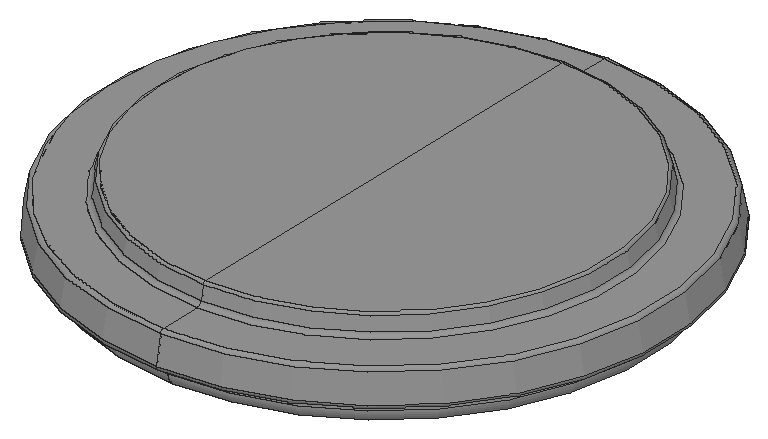
Revit family "FMK12_63_UN_Surface-mounted_ETK", category Lighting Fixtures, Revit 2017 (continued)
Definition of nested family "FMK.1 - Lightsource"
  Types (13, lengths in mm): name | Wattage Comments | Photometric Web File | built-in parameter 1150142 | Apparent Load
    FMK.1109.10 - Ø250x48 / 12W | "12W" | "FMK.1109.10.ies" | "IESNA:LM-63-2002\r\n[TEST] /2015\r\n[TESTLAB] ies2eulumdat.appspot.com\r\n[ISSUEDATE] 2021-06-16T09:00:21.829\r\n[MANUFAC] www.etk.nl\r\n[LUMCAT] FMK.1109.10\r\n[LUMINAIRE] FMK.1 LED 12W 3000/4000/5700K ø250 niet dimbaar\r\n[LAMPCAT] LED\r\n[LAMP] LED\r\nTILT=NONE\r\n1\t1150\t1\t46\t180\t1\t2\t-0.250\t-0.250\t0\r\n1.0\t1.0\t11.80\r\n0\t 2\t 4\t 6\t 8\t 10\t 12\t 14\t 16\t 18\r\n20\t 22\t 24\t 26\t 28\t 30\t 32\t 34\t 36\t 38\r\n40\t 42\t 44\t 46\t 48\t 50\t 52\t 54\t 56\t 58\r\n60\t 62\t 64\t 66\t 68\t 70\t 72\t 74\t 76\t 78\r\n80\t 82\t 84\t 86\t 88\t 90\r\n0\t 2\t 4\t 6\t 8\t 10\t 12\t 14\t 16\t 18\r\n20\t 22\t 24\t 26\t 28\t 30\t 32\t 34\t 36\t 38\r\n40\t 42\t 44\t 46\t 48\t 50\t 52\t 54\t 56\t 58\r\n60\t 62\t 64\t 66\t 68\t 70\t 72\t 74\t 76\t 78\r\n80\t 82\t 84\t 86\t 88\t 90\t 92\t 94\t 96\t 98\r\n100\t 102\t 104\t 106\t 108\t 110\t 112\t 114\t 116\t 118\r\n120\t 122\t 124\t 126\t 128\t 130\t 132\t 134\t 136\t 138\r\n140\t 142\t 144\t 146\t 148\t 150\t 152\t 154\t 156\t 158\r\n160\t 162\t 164\t 166\t 168\t 170\t 172\t 174\t 176\t 178\r\n180\t 182\t 184\t 186\t 188\t 190\t 192\t 194\t 196\t 198\r\n200\t 202\t 204\t 206\t 208\t 210\t 212\t 214\t 216\t 218\r\n220\t 222\t 224\t 226\t 228\t 230\t 232\t 234\t 236\t 238\r\n240\t 242\t 244\t 246\t 248\t 250\t 252\t 254\t 256\t 258\r\n260\t 262\t 264\t 266\t 268\t 270\t 272\t 274\t 276\t 278\r\n280\t 282\t 284\t 286\t 288\t 290\t 292\t 294\t 296\t 298\r\n300\t 302\t 304\t 306\t 308\t 310\t 312\t 314\t 316\t 318\r\n320\t 322\t 324\t 326\t 328\t 330\t 332\t 334\t 336\t 338\r\n340\t 342\t 344\t 346\t 348\t 350\t 352\t 354\t 356\t 358\r\n\r\n405.3384\t404.7765\t404.2265\t402.9975\t401.1013\t399.2051\t395.3191\t391.4331\t387.5471\t383.661\r\n379.7751\t373.4779\t367.169\t360.8717\t354.5746\t348.2657\t339.7094\t331.1415\t322.5852\t314.029\r\n305.461\t294.8096\t284.1582\t273.5069\t262.8555\t252.2041\t239.7267\t227.261\t214.7837\t202.3181\r\n189.8525\t177.3751\t164.9094\t152.432\t139.9664\t127.4891\t0\t0\t0\t0\r\n0\t0\t0\t0\t0\t0\r\n405.3384\t404.7925\t404.2577\t403.0448\t401.1686\t399.2994\t395.4335\t391.5606\t387.7102\t383.8203\r\n379.9334\t373.6444\t367.3443\t361.0453\t354.7325\t348.4388\t339.8983\t331.3616\t322.8117\t314.2627\r\n305.722\t295.0872\t284.4404\t273.8022\t263.1576\t252.5163\t240.0548\t227.5873\t215.131\t202.664\r\n190.1945\t177.7378\t165.2697\t152.8012\t140.3312\t128.1946\t0.3296\t0\t0\t0\r\n0\t0\t0\t0\t0\t0\r\n405.3384\t404.8094\t404.2892\t403.0935\t401.2796\t399.4809\t395.6213\t391.7396\t387.8385\t383.9437\r\n380.072\t373.802\t367.5085\t361.2065\t354.9129\t348.6531\t340.137\t331.5961\t323.0451\t314.5012\r\n305.9895\t295.3818\t284.734\t274.0862\t263.4264\t252.8071\t240.376\t227.9231\t215.4572\t202.995\r\n190.53\t178.0631\t165.6056\t153.1389\t140.6717\t129.4859\t1.3419\t0\t0\t0\r\n0\t0\t0\t0\t0\t0\r\n405.3384\t404.8271\t404.3209\t403.1488\t401.3532\t399.5783\t395.7291\t391.8382\t387.9181\t384.0265\r\n380.1901\t373.9544\t367.6616\t361.3486\t355.0482\t348.8012\t340.3437\t331.8018\t323.2501\t314.6929\r\n306.2129\t295.662\t285.012\t274.3604\t263.7094\t253.1247\t240.74\t228.2758\t215.8122\t203.3491\r\n190.8749\t178.4127\t165.9503\t153.4898\t141.027\t131.3458\t3.1025\t0\t0\t0\r\n0\t0\t0\t0\t0\t0\r\n405.3384\t404.8458\t404.3591\t403.1978\t401.4167\t399.6486\t395.7816\t391.8937\t388.0038\t384.1068\r\n380.2987\t374.1143\t367.817\t361.5156\t355.2003\t348.9967\t340.5979\t332.043\t323.4957\t314.942\r\n306.4955\t295.9896\t285.3021\t274.6328\t263.9659\t253.4202\t241.0823\t228.6129\t216.1591\t203.6915\r\n191.2234\t178.7558\t166.3001\t153.8352\t141.371\t133.6544\t5.718\t0\t0\t0\r\n0\t0\t0\t0\t0\t0\r\n405.3384\t404.8652\t404.3908\t403.2459\t401.4706\t399.6646\t395.8675\t391.9843\t388.0857\t384.1821\r\n380.4316\t374.3456\t368.0256\t361.7021\t355.3697\t349.2\t340.8799\t332.2872\t323.6935\t315.0968\r\n306.6804\t296.3012\t285.6181\t274.9391\t264.248\t253.707\t241.4578\t228.9766\t216.4988\t204.0245\r\n191.5571\t179.0864\t166.6186\t154.1544\t141.6922\t136.24\t9.3369\t0\t0\t0\r\n0\t0\t0\t0\t0\t0\r\n405.3384\t404.8854\t404.4219\t403.2933\t401.5055\t399.7186\t395.9651\t392.0842\t388.1903\t384.3067\r\n380.5784\t374.5562\t368.2162\t361.8639\t355.4958\t349.3364\t341.1183\t332.5123\t323.9013\t315.2964\r\n306.9063\t296.6299\t285.9122\t275.1976\t264.4831\t253.9575\t241.8218\t229.3201\t216.8328\t204.3396\r\n191.8483\t179.3695\t166.8926\t154.4222\t141.9565\t138.8551\t14.1501\t0\t0\t0\r\n0\t0\t0\t0\t0\t0\r\n405.3384\t404.9066\t404.4521\t403.3398\t401.5506\t399.7766\t396.0731\t392.2029\t388.3231\t384.3922\r\n380.6589\t374.7488\t368.3792\t361.9898\t355.5837\t349.4181\t341.3685\t332.7528\t324.1099\t315.4532\r\n307.0598\t296.9581\t286.2249\t275.4731\t264.7159\t254.1799\t242.1928\t229.6762\t217.1659\t204.6692\r\n192.1717\t179.6758\t167.1817\t154.6978\t142.2295\t141.3105\t20.401\t0\t0\t0\r\n0\t0\t0\t0\t0\t0\r\n405.3384\t404.9688\t404.4817\t403.3908\t401.5946\t399.8358\t396.2032\t392.3475\t388.4203\t384.4425\r\n380.7195\t374.9437\t368.5473\t362.1238\t355.6851\t349.5134\t341.9282\t332.9785\t324.3069\t315.6402\r\n306.9436\t297.5694\t286.5262\t275.7395\t264.9593\t254.1623\t242.7912\t230.0358\t217.5005\t204.986\r\n192.4711\t179.9636\t167.4644\t154.9748\t142.4941\t143.2492\t28.3764\t0\t0\t0\r\n0\t0\t0\t0\t0\t0\r\n405.3384\t404.9901\t404.5102\t403.434\t401.6375\t399.8986\t396.3675\t392.4653\t388.4946\t384.4886\r\n380.7515\t375.1532\t368.7296\t362.2829\t355.7949\t349.2691\t342.1908\t333.257\t324.528\t315.7751\r\n307.0363\t297.9246\t286.8722\t276.0236\t265.1733\t254.3419\t243.18\t230.433\t217.8766\t205.3224\r\n192.7845\t180.2462\t167.7206\t155.2142\t142.724\t144.3059\t38.4235\t0\t0\t0\r\n0\t0\t0\t0\t0\t0\r\n405.3384\t405.0108\t404.5376\t403.4745\t401.6757\t399.9613\t396.5103\t392.5677\t388.5717\t384.5293\r\n380.4421\t375.6788\t368.9428\t362.4278\t355.8852\t349.3419\t342.4468\t333.4846\t324.7196\t315.9401\r\n307.1422\t298.1755\t287.1691\t276.2852\t265.4162\t254.5351\t243.54\t230.8321\t218.2158\t205.6051\r\n193.0422\t180.5018\t167.9628\t155.4439\t142.9509\t130.4715\t80.1717\t0\t0\t0\r\n0\t0\t0\t0\t0\t0\r\n405.3384\t405.0308\t404.5638\t403.5122\t401.7197\t400.0344\t396.6479\t392.675\t388.642\t384.5539\r\n380.446\t375.8849\t369.1475\t362.5941\t356.0076\t349.3402\t342.606\t333.7678\t324.9507\t316.0958\r\n307.1888\t298.3823\t287.5427\t276.5987\t265.6547\t254.6769\t243.7733\t231.1892\t218.5583\t205.9536\r\n193.3574\t180.7795\t168.2176\t155.6732\t143.1664\t130.6811\t92.6587\t0\t0\t0\r\n0\t0\t0\t0\t0\t0\r\n405.3384\t405.0504\t404.5956\t403.547\t401.7653\t400.0733\t397.0342\t392.7846\t388.7175\t384.6009\r\n380.4658\t376.0643\t369.3866\t362.7735\t356.0799\t349.3699\t342.7566\t334.0832\t325.1628\t316.2179\r\n307.2752\t298.5357\t287.9146\t276.8913\t265.8705\t254.8646\t244.0337\t231.6235\t218.9315\t206.265\r\n193.6356\t181.0339\t168.4572\t155.9156\t143.3861\t130.8825\t104.473\t0\t0\t0\r\n0\t0\t0\t0\t0\t0\r\n405.3384\t405.0692\t404.6173\t403.5726\t401.812\t400.0922\t397.1653\t392.8976\t388.795\t384.6787\r\n380.4567\t376.1942\t369.6246\t362.9226\t356.2055\t349.4272\t342.8367\t334.3769\t325.3805\t316.3703\r\n307.3625\t298.3377\t288.5546\t277.2123\t266.1258\t255.0391\t244.1559\t232.0335\t219.3073\t206.6258\r\n193.9576\t181.3129\t168.7045\t156.1324\t143.5875\t131.0872\t115.0185\t0\t0\t0\r\n0\t0\t0\t0\t0\t0\r\n405.3384\t405.0876\t404.6362\t403.6022\t401.8688\t399.828\t397.2783\t392.9976\t388.9023\t384.7385\r\n380.4432\t376.2623\t369.8607\t363.1303\t356.3361\t349.4819\t342.5273\t334.9205\t325.6274\t316.563\r\n307.4647\t298.325\t288.8953\t277.552\t266.3836\t255.2249\t244.066\t232.6598\t219.71\t206.9637\r\n194.2635\t181.5828\t168.9417\t156.3369\t143.7678\t131.2452\t123.6219\t0\t0\t0\r\n0\t0\t0\t0\t0\t0\r\n405.3384\t405.1054\t404.6527\t403.6299\t401.9954\t399.8313\t397.3825\t393.1311\t389.0376\t384.7914\r\n380.4256\t376.2601\t370.1442\t363.3441\t356.5\t349.5195\t342.4467\t335.1645\t325.9313\t316.7695\r\n307.548\t298.3169\t289.1161\t277.9297\t266.651\t255.4032\t244.1853\t232.9715\t220.1319\t207.3312\r\n194.5444\t181.8166\t169.148\t156.5181\t143.9438\t131.4005\t129.5504\t10.7169\t0\t0\r\n0\t0\t0\t0\t0\t0\r\n405.3384\t405.1227\t404.6665\t403.6558\t402.0282\t399.8387\t397.4732\t393.2952\t389.1616\t384.8421\r\n380.4176\t375.9014\t370.721\t363.6037\t356.6569\t349.5494\t342.4061\t335.3294\t326.2421\t316.9739\r\n307.6665\t298.3454\t289.1781\t278.2878\t266.963\t255.6467\t244.3238\t233.1536\t220.5163\t207.6577\r\n194.8355\t182.0686\t169.3482\t156.6677\t144.0408\t131.4715\t131.8453\t25.923\t0\t0\r\n0\t0\t0\t0\t0\t0\r\n405.3384\t405.1396\t404.6776\t403.6776\t402.0538\t399.8619\t397.5341\t393.5083\t389.2881\t384.8846\r\n380.4261\t375.832\t370.9139\t363.9038\t356.8028\t349.6355\t342.4017\t335.332\t326.5796\t317.2212\r\n307.8198\t298.3417\t288.8594\t278.9905\t267.339\t255.8866\t244.4302\t233.0061\t221.1259\t208.0094\r\n195.1274\t182.2902\t169.5075\t156.7928\t144.1389\t131.538\t118.9821\t72.5747\t0\t0\r\n0\t0\t0\t0\t0\t0\r\n405.3384\t405.1559\t404.686\t403.7113\t402.0482\t399.882\t397.6063\t393.7003\t389.4083\t384.9648\r\n380.4586\t375.7543\t371.0891\t364.165\t357.0131\t349.7518\t342.4103\t334.9484\t327.1548\t317.4999\r\n307.9709\t298.3923\t288.8332\t279.2321\t267.7019\t256.1485\t244.593\t233.049\t221.4516\t208.379\r\n195.4187\t182.5259\t169.6952\t156.9157\t144.2105\t131.5685\t118.9925\t91.6472\t0\t0\r\n0\t0\t0\t0\t0\t0\r\n405.3384\t405.1718\t404.6918\t403.7304\t402.0748\t399.9057\t397.6713\t393.8957\t389.5114\t385.088\r\n380.4979\t375.7076\t371.0587\t364.4889\t357.2386\t349.9042\t342.4218\t334.8539\t327.2884\t317.8216\r\n308.1836\t298.5219\t288.784\t279.2695\t268.1369\t256.4569\t244.7869\t233.1079\t221.6219\t208.7797\r\n195.7476\t182.7712\t169.842\t157.0084\t144.2669\t131.5897\t118.9856\t106.3522\t0\t0\r\n0\t0\t0\t0\t0\t0\r\n405.3384\t405.1872\t404.677\t403.7455\t402.1069\t399.9332\t397.7438\t394.3242\t389.6719\t385.2237\r\n380.5442\t375.6807\t370.6129\t365.0631\t357.5309\t350.0674\t342.4859\t334.7817\t327.2448\t318.4473\r\n308.4635\t298.6371\t288.784\t278.8955\t268.7927\t256.8209\t244.9966\t233.2361\t221.4851\t209.3772\r\n196.0586\t182.9925\t170.014\t157.1221\t144.303\t131.5659\t118.922\t115.4507\t0.7529\t0\r\n0\t0\t0\t0\t0\t0\r\n405.3384\t405.2023\t404.5924\t403.7567\t402.1445\t399.9518\t397.5215\t394.4699\t389.8906\t385.382\r\n380.6063\t375.6074\t370.4961\t365.1827\t357.8531\t350.2794\t342.5728\t334.767\t326.8088\t318.7303\r\n308.7717\t298.8224\t288.8326\t278.8036\t268.8778\t257.2662\t245.3121\t233.3885\t221.4719\t209.6291\r\n196.4163\t183.2663\t170.1886\t157.217\t144.3317\t131.5459\t118.8227\t106.1876\t17.4697\t0\r\n0\t0\t0\t0\t0\t0\r\n405.3384\t405.217\t404.5944\t403.7643\t402.2164\t399.9969\t397.5215\t394.5348\t390.1198\t385.5481\r\n380.6842\t375.579\t370.3695\t365.1761\t358.5091\t350.5396\t342.7377\t334.7731\t326.7113\t318.7291\r\n309.1553\t299.0695\t288.9289\t278.7193\t268.5571\t257.9194\t245.6422\t233.5555\t221.5159\t209.6959\r\n196.8141\t183.564\t170.3986\t157.3153\t144.3298\t131.4311\t118.6433\t105.963\t65.2493\t0\r\n0\t0\t0\t0\t0\t0\r\n405.3384\t405.2314\t404.597\t403.7683\t402.259\t400.1387\t397.5142\t394.6254\t390.3718\t385.7346\r\n380.7618\t375.6336\t370.2359\t364.7113\t358.7633\t350.8369\t342.942\t334.8576\t326.6208\t318.2983\r\n309.7123\t299.3766\t289.0811\t278.7695\t268.3526\t258.0866\t246.0418\t233.822\t221.6258\t209.5032\r\n197.3492\t183.8918\t170.5912\t157.4067\t144.3357\t131.3476\t118.48\t105.7362\t86.9291\t0\r\n0\t0\t0\t0\t0\t0\r\n405.3384\t405.2454\t404.6007\t403.7691\t402.2969\t400.2013\t397.5194\t394.7022\t390.8756\t385.9297\r\n380.8283\t375.6809\t370.2029\t364.5257\t358.7975\t351.2443\t343.1931\t334.9798\t326.6184\t318.1094\r\n309.6994\t299.7814\t289.3562\t278.8261\t268.235\t257.6488\t246.725\t234.1375\t221.8235\t209.5282\r\n197.4412\t184.2693\t170.8692\t157.5318\t144.3183\t131.2485\t118.3192\t105.4985\t99.8452\t0\r\n0\t0\t0\t0\t0\t0\r\n405.3384\t405.2465\t404.6055\t403.7327\t402.33\t400.28\t397.5374\t394.7758\t391.1064\t386.1222\r\n380.9814\t375.6963\t370.1916\t364.3689\t358.3019\t351.8681\t343.551\t335.1761\t326.6651\t318.0094\r\n309.224\t300.3263\t289.676\t278.9673\t268.2109\t257.4449\t246.79\t234.5954\t222.0662\t209.6096\r\n197.2538\t184.796\t171.1111\t157.6776\t144.3725\t131.1929\t118.1378\t105.2239\t92.4606\t7.417\r\n0\t0\t0\t0\t0\t0\r\n405.3384\t405.26\t404.6117\t403.7331\t402.3583\t400.3318\t397.5727\t394.5667\t391.2865\t386.3445\r\n381.2477\t375.7985\t370.1959\t364.244\t358.0878\t351.9228\t343.9437\t335.4465\t326.8059\t317.9911\r\n309.0489\t300.2024\t290.2985\t279.2004\t268.2951\t257.2789\t246.344\t235.2056\t222.4167\t209.7955\r\n197.2042\t184.8605\t171.4948\t157.9091\t144.4487\t131.1247\t117.9609\t104.9565\t92.1149\t52.9313\r\n0\t0\t0\t0\t0\t0\r\n405.3384\t405.2736\t404.6193\t403.7351\t402.3811\t400.3748\t397.6302\t394.5872\t391.3781\t386.8119\r\n381.4951\t375.9993\t370.2514\t364.1293\t357.9116\t351.3889\t344.5079\t335.822\t327.0416\t318.0736\r\n308.9557\t299.6921\t290.3569\t279.5927\t268.421\t257.3226\t246.1\t234.903\t222.8814\t210.0311\r\n197.2958\t184.6475\t172.0079\t158.165\t144.5452\t131.0796\t117.7978\t104.7315\t91.8426\t76.8551\r\n0\t0\t0\t0\t0\t0\r\n405.3384\t405.2871\t404.6284\t403.7382\t402.383\t400.4092\t397.8019\t394.6157\t391.382\t386.9759\r\n381.7537\t376.2214\t370.3501\t364.1175\t357.7917\t351.1064\t344.4201\t336.5393\t327.3814\t318.2587\r\n308.9705\t299.4656\t289.8818\t280.0753\t268.8078\t257.4031\t245.984\t234.5829\t223.2864\t210.4452\r\n197.4796\t184.6232\t171.8738\t158.4916\t144.6856\t131.1101\t117.7175\t104.5034\t91.5471\t87.0893\r\n0\t0\t0\t0\t0\t0\r\n405.3384\t405.3008\t404.6392\t403.7418\t402.3989\t400.4352\t397.8747\t394.6614\t391.0674\t387.1128\r\n382.2229\t376.4632\t370.4832\t364.2203\t357.7251\t350.8963\t343.8101\t336.6669\t327.8215\t318.561\r\n309.1145\t299.4337\t289.6313\t279.6987\t269.4041\t257.6346\t246.0417\t234.3777\t222.7877\t211.0609\r\n197.8041\t184.6956\t171.7174\t158.9026\t144.9461\t131.1605\t117.657\t104.3263\t91.2411\t78.3968\r\n8.6356\t0\t0\t0\t0\t0\r\n405.3384\t405.3146\t404.6518\t403.7453\t402.4116\t400.4333\t397.9374\t394.7255\t391.0189\t387.2362\r\n382.4741\t376.7553\t370.621\t364.3583\t357.712\t350.7498\t343.5434\t336.0689\t328.3754\t318.9975\r\n309.3575\t299.5473\t289.484\t279.3984\t269.2587\t258.261\t246.2079\t234.3624\t222.4746\t210.6739\r\n198.3975\t184.9162\t171.7187\t158.643\t145.2545\t131.3415\t117.6016\t104.16\t90.981\t78.0548\r\n54.1337\t0\t0\t0\t0\t0\r\n405.3384\t405.4889\t404.6945\t403.6712\t402.4205\t400.4506\t397.9834\t394.8928\t390.9998\t386.973\r\n382.6577\t377.3141\t370.8707\t364.5641\t357.7877\t350.7046\t343.3801\t335.7208\t327.8525\t319.6767\r\n309.7968\t299.7787\t289.6134\t279.2245\t268.6962\t258.2578\t246.6038\t234.4814\t222.3847\t210.2821\r\n198.4381\t185.3347\t171.8446\t158.564\t145.4985\t131.5442\t117.6455\t104.0124\t90.7095\t77.7184\r\n71.0115\t0\t0\t0\t0\t0\r\n405.3384\t405.5009\t404.7104\t403.6809\t402.4254\t400.4644\t398.0198\t394.9896\t391.014\t386.9406\r\n382.6666\t377.537\t371.2201\t364.837\t357.9545\t350.7593\t343.2926\t335.5022\t327.46\t319.1538\r\n310.4783\t300.1684\t289.8497\t279.2431\t268.5397\t257.661\t246.8589\t234.8353\t222.4783\t210.092\r\n197.8192\t185.7046\t172.2109\t158.5712\t145.1721\t131.9025\t117.7262\t103.9048\t90.5045\t77.4349\r\n64.724\t0\t0\t0\t0\t0\r\n405.3384\t405.512\t404.7274\t403.6949\t402.4256\t400.4737\t398.0459\t395.0319\t391.1349\t386.9314\r\n382.368\t377.565\t371.7894\t365.1647\t358.2122\t350.925\t343.2805\t335.4297\t327.1908\t318.7224\r\n309.9642\t300.886\t290.2777\t279.5029\t268.5805\t257.4726\t246.2239\t235.0727\t222.7881\t210.1727\r\n197.5617\t185.0625\t172.6371\t158.8143\t145.0846\t131.6118\t117.8827\t103.9322\t90.3265\t77.1744\r\n64.48\t35.0653\t0\t0\t0\t0\r\n405.3384\t405.522\t404.7455\t403.7452\t402.4209\t400.4773\t398.0588\t395.0488\t391.1753\t387.0135\r\n382.3352\t377.2242\t371.9159\t365.7147\t358.5534\t351.2243\t343.4254\t335.4792\t327.0606\t318.4772\r\n309.4696\t300.3065\t290.8705\t280.0089\t268.8629\t257.5392\t246.0377\t234.4621\t222.8965\t210.6316\r\n197.5873\t184.7291\t171.9505\t159.2993\t145.2866\t131.4601\t118.0115\t103.9741\t90.2222\t76.9361\r\n64.1798\t56.618\t0\t0\t0\t0\r\n405.3384\t405.5308\t404.7649\t403.7651\t402.3395\t400.4737\t398.0593\t395.0424\t391.207\t387.0567\r\n382.3506\t377.1527\t371.6378\t365.821\t359.1154\t351.6039\t343.7387\t335.6237\t327.116\t318.3892\r\n309.185\t299.8538\t290.1589\t280.4669\t269.6277\t257.8645\t246.1541\t234.2897\t222.3665\t210.3175\r\n198.0481\t184.7232\t171.6272\t158.6683\t145.768\t131.577\t117.6798\t104.1455\t90.1031\t76.7097\r\n63.9092\t51.7004\t0\t0\t0\t0\r\n405.3384\t405.5388\t404.7856\t403.7878\t402.34\t400.4766\t398.0469\t395.016\t391.2276\t387.086\r\n382.4782\t377.1848\t371.6139\t365.5258\t359.2193\t352.1252\t344.383\t335.9209\t327.3527\t318.4608\r\n309.1505\t299.601\t289.7392\t279.6691\t269.2868\t258.5846\t246.5891\t234.456\t222.2595\t209.9698\r\n197.5743\t185.146\t171.655\t158.2647\t145.101\t132.0467\t117.7168\t103.7776\t90.1162\t76.5416\r\n63.6537\t51.4481\t11.4644\t0\t0\t0\r\n405.3384\t405.5455\t404.8079\t403.8136\t402.3469\t400.3632\t398.021\t394.9736\t391.2361\t387.0991\r\n382.4999\t377.3413\t371.7228\t365.4801\t358.9167\t352.0852\t344.7107\t336.4982\t327.7775\t318.7203\r\n309.3167\t299.5744\t289.5996\t279.3072\t268.7148\t257.8887\t247.047\t235.2639\t222.5436\t209.9771\r\n197.2699\t184.5597\t171.885\t158.2865\t144.6692\t131.337\t118.1829\t103.7905\t89.9666\t76.4265\r\n63.4089\t51.1676\t44.0861\t0\t0\t0\r\n405.3384\t405.5513\t404.9774\t403.8429\t402.3609\t400.3505\t397.8886\t394.8898\t391.2407\t387.0953\r\n382.4979\t377.3824\t371.7634\t365.5989\t358.905\t351.812\t344.4396\t336.63\t328.3847\t319.3177\r\n309.7407\t299.8087\t289.728\t279.2246\t268.459\t257.4328\t246.1417\t234.7065\t223.2024\t210.4254\r\n197.4644\t184.3923\t171.2764\t158.1367\t144.9817\t130.9885\t117.4819\t104.1949\t89.9202\t76.3115\r\n63.1698\t50.8615\t39.4911\t0\t0\t0\r\n405.3384\t405.5559\t404.9992\t403.8756\t402.382\t400.349\t397.8573\t394.7468\t391.2145\t387.0848\r\n382.4587\t377.3893\t371.7642\t365.6347\t359.0468\t351.9462\t344.3869\t336.3706\t328.1386\t319.4674\r\n310.3444\t300.4744\t290.1739\t279.4322\t268.5321\t257.3547\t245.836\t234.1207\t222.3374\t210.1954\r\n198.078\t184.7804\t171.3331\t157.8412\t144.3958\t131.1966\t117.2105\t103.4803\t90.2145\t76.2405\r\n62.9998\t50.5463\t39.207\t5.7837\t0\t0\r\n405.
